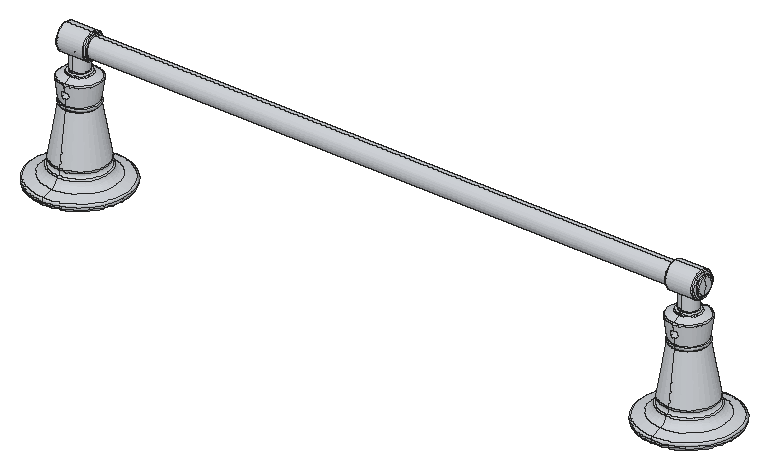
Revit family "Accessory-Towel_Bar-KOHLER-Archer-K-11050", category Specialty Equipment, host Face, Revit 2015 (continued)
Definition of nested family "K-11050"
  Automatic sketch dimensions
    Masking region 1 sketch curve to Masking region 1 sketch curve = 0.03696"  (x2)
    Masking region 1 sketch curve to Masking region 1 sketch curve = 0.01142"  (x2)
    plane 14 to Masking region 1 sketch curve = 0.05541"
    Masking region 1 sketch curve to Masking region 1 sketch curve = 0.01325"  (x2)
    Masking region 1 sketch curve to plane 14 = 0.01103"
    Masking region 1 sketch curve to plane 14 = 0.04683"
    Masking region 1 sketch curve to Masking region 1 sketch curve = 0.0207"  (x3)
    Masking region 1 sketch curve to plane 13 = 0.06753"
    Masking region 1 sketch curve to plane 13 = 0.04683"
    Masking region 1 sketch curve to plane 13 = 0.01103"
    plane 13 to Masking region 1 sketch curve = 0.04215"
    plane 13 to Masking region 1 sketch curve = 0.19397"
    Masking region 1 sketch curve to Masking region 1 sketch curve = 0.00967"
    Masking region 1 sketch curve to Masking region 1 sketch curve = 0.21187"
    Masking region 1 sketch curve to Masking region 1 sketch curve = 0.0284"
    plane 13 to Masking region 1 sketch curve = 0.39671"
    Masking region 1 sketch curve to Masking region 1 sketch curve = 0.06022"
    Masking region 1 sketch curve to Masking region 1 sketch curve = 0.02542"
    Masking region 1 sketch curve to Masking region 1 sketch curve = 0.07449"
    Masking region 1 sketch curve to Masking region 1 sketch curve = 0.24876"
    Masking region 1 sketch curve to plane 5 = 0.25064"
    Masking region 1 sketch curve to plane 5 = 0.06323"
    Masking region 1 sketch curve to plane 5 = 0.04379"
    Masking region 1 sketch curve to plane 5 = 0.04142"
    Masking region 1 sketch curve to plane 5 = 0.01306"
    level to Masking region 1 sketch curve = 0.02338"  (x2)
    Masking region 1 sketch curve to Masking region 1 sketch curve = 1/16"  (x2)
    Masking region 1 sketch curve to Masking region 1 sketch curve = 0.01872"  (x2)
    Masking region 1 sketch curve to Masking region 1 sketch curve = 0.03262"  (x2)
    level to Masking region 1 sketch curve = 0.26123"
    level to Masking region 1 sketch curve = 0.26179"
    Masking region 1 sketch curve to Masking region 1 sketch curve = 0.20366"
    Masking region 1 sketch curve to Masking region 1 sketch curve = 0.20558"
    Masking region 1 sketch curve to Masking region 1 sketch curve = 0.30616"  (x2)
    Masking region 1 sketch curve to Masking region 1 sketch curve = 0.11804"
    Masking region 1 sketch curve to Masking region 1 sketch curve = 0.11728"
    Masking region 1 sketch curve to Masking region 1 sketch curve = 0.09529"
    Masking region 1 sketch curve to Masking region 1 sketch curve = 0.09561"
    Masking region 1 sketch curve to Masking region 1 sketch curve = 0.01062"
    Masking region 1 sketch curve to Masking region 1 sketch curve = 0.01085"
    Masking region 1 sketch curve to Masking region 1 sketch curve = 1.42656"
    Masking region 1 sketch curve to Masking region 1 sketch curve = 0"  (x7)
    Masking region 1 sketch curve to Masking region 1 sketch curve = 0.00551"  (x2)
    Masking region 1 sketch curve to Masking region 1 sketch curve = 0.06087"  (x2)
    Masking region 1 sketch curve to Masking region 1 sketch curve = 0.05935"  (x2)
    Masking region 1 sketch curve to Masking region 1 sketch curve = 0.00519"  (x2)
    Masking region 1 sketch curve to Masking region 1 sketch curve = 0.56062"  (x2)
    Masking region 1 sketch curve to Masking region 1 sketch curve = 0.00399"  (x2)
    Masking region 1 sketch curve to Masking region 1 sketch curve = 0.09469"  (x2)
    Masking region 1 sketch curve to Masking region 1 sketch curve = 0.03122"  (x2)
    Masking region 1 sketch curve to Masking region 1 sketch curve = 0.039"  (x2)
    Masking region 1 sketch curve to Masking region 1 sketch curve = 0.03297"  (x2)
    Masking region 1 sketch curve to plane 10 = 0.28468"
    Masking region 1 sketch curve to plane 10 = 0.00033"
    Masking region 1 sketch curve to Masking region 1 sketch curve = 0.00292"
    Masking region 1 sketch curve to Masking region 1 sketch curve = 0.00246"
    curve 29 to curve 30 = 0"  (x2)
    curve 66 to curve 81 = 0"  (x2)
    plane 1 "Center (Front/Back)" to curve 42 = 0"
    plane 1 "Center (Front/Back)" to curve 30 = 0"
    curve 30 to plane 4 "A" = 0"
    plane 14 to curve 56 = 0"
    curve 55 to plane 13 = 0"
    plane 14 to curve 80 = 0"
    plane 13 to curve 79 = 0"
    plane 1 "Center (Front/Back)" to curve 66 = 0"
    curve 66 to plane 12 = 0"
    plane 1 "Center (Front/Back)" to curve 82 = 0"
    curve 42 to plane 4 "A" = 0.00472"
    plane 13 to curve 20 = 0.08107"
    curve 20 to plane 4 "A" = 0.3751"
    plane 14 to curve 33 = 0.08107"
    curve 33 to plane 4 "A" = 0.3751"
    plane 14 to curve 38 = 0.0062"
    curve 38 to curve 39 = 0.01091"
    plane 13 to curve 27 = 0.0062"
    curve 27 to curve 28 = 0.01091"
    plane 13 to curve 26 = 0.06753"
    curve 26 to curve 20 = 0.03041"
    plane 14 to curve 37 = 0.06753"
    curve 37 to curve 33 = 0.03041"
    plane 14 to curve 37 = 0.04336"
    curve 37 to curve 39 = 0.02176"
    plane 13 to curve 26 = 0.04336"
    curve 36 to curve 36 = 0.00671"
    curve 25 to curve 25 = 0.00671"
    curve 40 to plane 11 = 0.06341"
    curve 31 to plane 11 = 0.06341"
    plane 14 to curve 41 = 0.00545"
    curve 40 to curve 41 = 0.00549"
    plane 13 to curve 32 = 0.00545"
    curve 31 to curve 32 = 0.00549"
    curve 33 to curve 34 = 0.024"
    curve 31 to curve 21 = 0.024"
    curve 34 to plane 11 = 0.01551"
    curve 21 to plane 11 = 0.01551"
    plane 11 to curve 22 = 0.00007"
    curve 24 to plane 1 "Center (Front/Back)" = 0.00154"
    curve 24 to plane 8 = 0.95454"
    curve 61 to plane 1 "Center (Front/Back)" = 0.00154"
    curve 61 to plane 16 = 0.95454"
    plane 17 to curve 59 = 0.00007"
    curve 70 to plane 17 = 0.01551"
    curve 58 to plane 17 = 0.01551"
    curve 70 to curve 70 = 0.02391"
    curve 58 to curve 58 = 0.02391"
    plane 14 to curve 77 = 0.00545"
    curve 77 to plane 17 = 0.05792"
    plane 13 to curve 68 = 0.00545"
    curve 68 to plane 17 = 0.05792"
    curve 58 to curve 57 = 0.024"
    curve 70 to curve 69 = 0.024"
    curve 81 to curve 82 = 0.00472"
    plane 13 to curve 57 = 0.08107"
    curve 57 to plane 12 = 0.3751"
    plane 14 to curve 69 = 0.08107"
    curve 69 to plane 12 = 0.3751"
    plane 14 to curve 74 = 0.0062"
    curve 75 to curve 74 = 0.01091"
    plane 13 to curve 64 = 0.0062"
    curve 65 to curve 64 = 0.01091"
    plane 14 to curve 73 = 0.06753"
    curve 69 to curve 73 = 0.03041"
    plane 13 to curve 63 = 0.06753"
    curve 57 to curve 63 = 0.03041"
    plane 14 to curve 73 = 0.04336"
    curve 73 to curve 73 = 0.02176"
    plane 13 to curve 63 = 0.04336"
    curve 72 to curve 72 = 0.00671"
    curve 60 to curve 62 = 0.00671"
    curve 76 to curve 70 = 0.01043"
    curve 33 to curve 34 = 0.01043"
    curve 71 to plane 14 = 0.03153"
    curve 35 to plane 14 = 0.03153"
    curve 36 to curve 36 = 0.03449"
    curve 72 to curve 72 = 0.03449"
    curve 25 to plane 13 = 0.06602"
    curve 62 to plane 13 = 0.06602"
    curve 43 to plane 13 = 0.03153"
    curve 60 to plane 13 = 0.03153"
    curve 31 to curve 31 = 0.03281"
    curve 67 to curve 67 = 0.03281"
    curve 36 to curve 36 = 0.0344"
    curve 55 to curve 29 = 0.05244"
    curve 29 to curve 30 = 0.22098"
    curve 30 to curve 42 = 0.03064"
    plane 8 to curve 56 = 0.02903"
    plane 8 to curve 55 = 0.02903"
    plane 16 to curve 80 = 0.02903"
    plane 16 to curve 79 = 0.02903"
    curve 82 to curve 79 = 0.30406"
    curve 82 to curve 81 = 0.03064"
    curve 66 to curve 79 = 0.05244"
    curve 72 to curve 72 = 0.0344"
    plane 4 "A" to curve 1 = 0.00007"
    plane 12 to curve 44 = 0.00007"
    curve 2 to plane 4 "A" = 0.22934"
    curve 1 to plane 4 "A" = 0.24997"
    curve 9 to curve 1 = 0.19348"
    curve 7 to plane 4 "A" = 0.51407"
    curve 6 to curve 7 = 0.00027"
    curve 5 to curve 2 = 0.33269"
    plane 7 to curve 4 = 0.63159"
    curve 3 to curve 4 = 0.03328"
    plane 7 to curve 8 = 0.03724"
    curve 2 to plane 11 = 0.21536"
    curve 1 to plane 11 = 0.19467"
    curve 53 to plane 11 = 0.0016"
    curve 53 to plane 11 = 0.00035"
    plane 11 to curve 7 = 0.06943"
    curve 7 to curve 6 = 0.00027"
    plane 11 to curve 5 = 0.1174"
    plane 11 to curve 4 = 0.29859"
    curve 4 to curve 3 = 0.0339"
    plane 8 to curve 8 = 0.03646"
    plane 16 to curve 51 = 0.03646"
    plane 17 to curve 46 = 0.33249"
    curve 46 to curve 47 = 0.0339"
    plane 17 to curve 48 = 0.1174"
    plane 17 to curve 49 = 0.06971"
    curve 49 to curve 50 = 0.00027"
    curve 54 to plane 17 = 0.00035"
    curve 54 to plane 17 = 0.0016"
    curve 44 to plane 17 = 0.19467"
    curve 45 to plane 17 = 0.21536"
    curve 45 to plane 12 = 0.22934"
    curve 44 to plane 12 = 0.24997"
    curve 44 to curve 52 = 0.19348"
    curve 50 to plane 12 = 0.51407"
    curve 50 to curve 49 = 0.00027"
    curve 45 to curve 48 = 0.33269"
    plane 15 to curve 47 = 0.63159"
    curve 47 to curve 46 = 0.03328"
    plane 15 to curve 51 = 0.03724"
    curve 1 to curve 53 = 0.08283"
    curve 44 to curve 54 = 0.08283"
    curve 44 to curve 52 = 0.10342"
    curve 1 to curve 9 = 0.10342"
    curve 52 to plane 9 = 0.10342"
    curve 9 to plane 9 = 0.10342"
    curve 54 to plane 9 = 0.07651"
    curve 53 to plane 9 = 0.07651"
    curve 18 to curve 19 = 0"  (x2)
    curve 17 to plane 1 "Center (Front/Back)" = 0"
    curve 19 to plane 1 "Center (Front/Back)" = 0"
    curve 18 to plane 10 = 0"
    curve 18 to curve 17 = 0.01687"
    plane 14 to curve 10 = 0.06753"
    plane 14 to curve 17 = 0.04683"
    curve 12 to plane 14 = 0.21727"
    curve 11 to curve 12 = 0.00027"
    curve 16 to plane 14 = 0.26523"
    curve 13 to plane 14 = 0.44642"
    curve 14 to curve 13 = 0.0339"
    plane 6 to curve 15 = 0.03653"
    plane 13 to curve 10 = 0.06753"
    plane 13 to curve 17 = 0.04683"
    curve 12 to plane 13 = 0.21727"
    curve 12 to curve 11 = 0.00027"
    curve 16 to plane 13 = 0.26523"
    curve 13 to plane 13 = 0.44663"
    curve 13 to curve 14 = 0.03326"
    plane 5 to curve 15 = 0.03745"
    plane 10 to curve 17 = 0.28509"
    level to curve 8 = 0.16343"
    level to curve 51 = 0.16343"
    curve 15 to level = 0.16343"
    level to curve 3 = 0.50418"
    level to curve 46 = 0.50418"
    level to curve 46 = 0.50444"
    level to curve 3 = 0.50444"
    curve 46 to curve 47 = 0.15011"  (x2)
    curve 3 to curve 4 = 0.15011"  (x2)
    curve 14 to level = 0.50418"
    curve 14 to level = 0.50444"
    curve 14 to curve 13 = 0.15011"
    curve 14 to curve 13 = 0.15015"
    curve 44 to plane 10 = 0.7043"
    curve 1 to plane 10 = 0.7043"
    curve 5 to curve 1 = 51/256"
    curve 48 to curve 44 = 51/256"
    curve 2 to curve 1 = 0.03256"
    curve 45 to curve 44 = 0.03256"
    curve 45 to curve 44 = 0.35889"
    curve 2 to curve 1 = 0.35889"
    curve 16 to curve 10 = 0.16666"
    curve 7 to curve 5 = 0.68576"
    curve 50 to curve 48 = 0.68576"
    curve 7 to curve 6 = 0.06022"
    curve 50 to curve 49 = 0.06022"
    curve 12 to curve 17 = 1.3042"
    curve 12 to curve 11 = 0.06022"
    curve 11 to curve 16 = 0.62555"
    radius of Extrusion 5 sketch curve = 0.37921"
    radius of Extrusion 10 sketch curve = 0.37921"
    radius of curve 18 = 0.26378"
    radius of curve 19 = 0.29555"
Types (3): name | Type | Model | Finish
  (no name) | 1 | "K-11050-CP" | Kohler-Metal-CP-Polished_Chrome
  CP-Polished Chrome | 1 | "K-11050-CP" | Kohler-Metal-CP-Polished_Chrome
  BN-Vibrant Brushed Nickel | 2 | "K-11050-BN" | Kohler-Metal-BN-Vibrant_Brushed_Nickel
